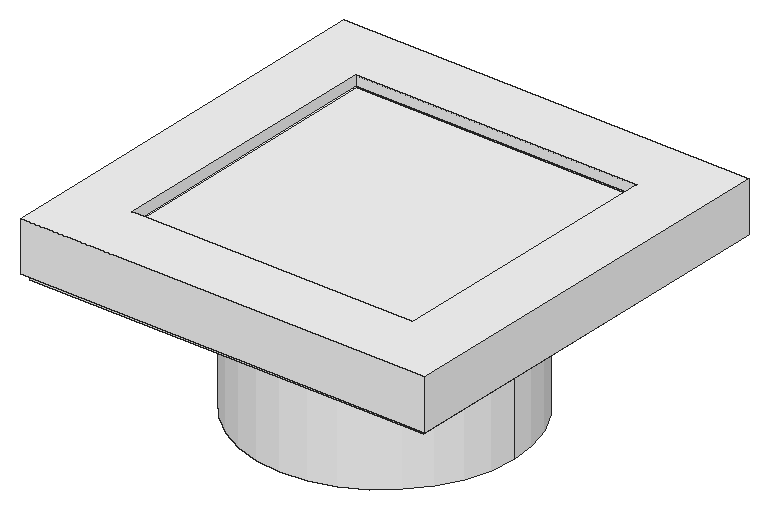
Revit family "Gira_014028", category Electrical Fixtures, host Face, Revit 2017
Family settings
  Host = Face
  Maintain Annotation Orientation = Yes
  Round Connector Dimension = Use Diameter
  Part Type = Normal
  Cut with Voids When Loaded = No
  Shared = No
  Room Calculation Point = No
Parameters (values of type "Hotel-Card-Taster Wechsler (bel.) BSF System 55 Anthrazit")
  Zusammenstellung = "Basiselement mit zentraler Abdeckplatte"
  White [instance] = White
  Werkstoffgüte = "sonstige"
  Werkstoff = "sonstige"
  URL = "http://katalog.gira.de/de_DE/datenblatt.html?artikelnr=014028"
  Transparent = "No"
  Textfeld/Beschriftungsfläche = "Yes"
  Rückmeldekontakt = "No"
  Region = "DE"
  Oberfläche = "sonstige"
  Nennspannung = "250 Volt"
  Name = "Hotel-Card-Taster Wechsler (bel.) BSF System 55 Anthrazit"
  Montageart = "unter Putz"
  Model = "Sys55_Komplettgerät_Schalten und Tasten"
  Mit Beleuchtung = "No"
  Manufacturer URL = "https://www.gira.de/"
  Kontakte = "1 Wechsler"
  HeinzeBIM = "https://bimportal.heinze.de/bim/hotel-card-taster-wechsler-bel-bsf-system-55-anthrazit/6139bc2abc6844f1ff9afd430b487648eef84ca6"
  Halogenfrei = "No"
  HAN = "014028"
  Geeignet für Schutzart (IP) = "IP20"
  GTIN = "4010337140283"
  Farbe = "anthrazit"
  Default Elevation = 1219.2 mm
  Data sheet (1) = "https://katalog.gira.de/de_DE/download.html?artikelnr=014028"
  Category = "Taster"
  Bemessungsstrom = "10 Ampere"
  Befestigungsart = "Krallen-/Schraubbefestigung"
  Bedienungsart = "Hotelcard"
  Available = "Yes"
  Ausführung = "Einzeltaster"
  Aufdruck = "ohne"
  Anzahl der Betätigungswippen = "1 "
Reference planes
  plane 1 "Center (Front/Back)": y = 0
  plane 2: z = 0
  plane 3 "Center (Left/Right)": x = 0
Forms (mm)
  Extrusion 1, solid, material "White" <- "White", detail levels medium
    sketch origin (0, 0, 0) x (1, 0, 0) y (0, 1, 0)
      loop
        line (-40.4, 40.4) -> (-40.4, -40.4) -> (40.4, -40.4) -> (40.4, 40.4) -> (-40.4, 40.4)
      loop
        line (-28, 28) -> (-28, -28) -> (28, -28) -> (28, 28) -> (-28, 28)
    from 0 to 10
  Extrusion 2, solid, material "White" <- "White", detail levels fine
    sketch origin (0, 0, 0) x (1, 0, 0) y (0, 1, 0)
      loop
        line (-40.4, 40.4) -> (-40.4, -40.4) -> (40.4, -40.4) -> (40.4, 40.4) -> (-40.4, 40.4)
      loop
        line (-28, 28) -> (-28, -28) -> (28, -28) -> (28, 28) -> (-28, 28)
    from 0 to 10
  Extrusion 3, void
    sketch origin (0, 0, 0) x (1, 0, 0) y (0, 1, 0)
      loop
        line (-38.4, 38.4) -> (-38.4, -38.4) -> (38.4, -38.4) -> (38.4, 38.4) -> (-38.4, 38.4)
    from 0 to 8
  Extrusion 4, solid, material "White" <- "White", detail levels medium+fine
    sketch origin (0, 0, 0) x (1, 0, 0) y (0, 1, 0)
      loop
        line (-39.4, 39.4) -> (-39.4, -39.4) -> (39.4, -39.4) -> (39.4, 39.4) -> (-39.4, 39.4)
    from 0 to -1
  Extrusion 5, solid, material "White" <- "White", detail levels medium+fine
    sketch origin (0, 0, 0) x (1, 0, 0) y (0, 1, 0)
      loop
        line (-35.5, 35.5) -> (-35.5, -35.5) -> (35.5, -35.5) -> (35.5, 35.5) -> (-35.5, 35.5)
    from -2 to -3
  Extrusion 6, solid, material "White" <- "White", detail levels medium+fine
    sketch origin (0, 0, 0) x (1, 0, 0) y (0, 1, 0)
      loop
        circle (0, 0) r 26
    from 0 to -27.5
  Extrusion 7, solid, material "White" <- "White", detail levels coarse
    sketch origin (0, 0, 0) x (1, 0, 0) y (0, 1, 0)
      loop
        line (-40.4, 40.4) -> (-40.4, -40.4) -> (40.4, -40.4) -> (40.4, 40.4) -> (-40.4, 40.4)
    from -27.5 to 10
Cuts and joins
  Extrusion 3 cuts Extrusion 2
Dimensions and locks
  aligned and locked: plane 2 to host face
  aligned and locked: level to host face
  aligned and locked: plane 3 "Center (Left/Right)" to nested 2
  aligned and locked: plane 1 "Center (Front/Back)" to nested 2
Nested families
  nested 1: "Sys55_Abdeckung_Schalten und Tasten_floor_base" at (0, 0, 0), type "Sys55_Abdeckung_Schalten und Tasten_floor_base"
  nested 2: "Schalter" at (0, 0, 0), type "Schalter"
Connectors
  electrical at (0, 0, -27.5)
    settings: on Extrusion 6, index 1, voltage 220 V, apparent load 0 VA, apparent load phase1 0 VA, apparent load phase2 0 VA, apparent load phase3 0 VA, power factor 1, load classification "Other", number of poles 1, system type 30, power factor state 1, is connector primary yes, connector utility no, sub classification motor no, connector description ""
Definition of nested family "Sys55_Abdeckung_Schalten und Tasten_floor_base"
  Parameters
    Default Elevation = 1219.2 mm
    White [instance] = none
  Reference planes
    plane 1 "Center (Front/Back)": y = 0
    plane 2: z = 0
    plane 3 "Center (Left/Right)": x = 0
  Forms (mm)
    Extrusion 1, solid
      sketch origin (0, 0, 0) x (1, 0, 0) y (0, 1, 0)
        loop
          line (-1219.2, 1219.2) -> (-1219.2, -1219.2) -> (1219.2, -1219.2) -> (1219.2, 1219.2) -> (-1219.2, 1219.2)
      from 0 to -304.8
    Extrusion 2, solid, material <- "White", detail levels fine
      sketch origin (0, 0, 0) x (1, 0, 0) y (0, 1, 0)
        loop
          line (-27.5, 27.5) -> (-27.5, -27.5) -> (27.5, -27.5) -> (27.5, 27.5) -> (-27.5, 27.5)
      from 0 to 8
    Extrusion 3, void
      sketch origin (0, 0, 0) x (1, 0, 0) y (0, 1, 0)
        loop
          line (26, 26) -> (-26, 26) -> (-26, -26) -> (26, -26) -> (26, 26)
      from 0 to 6
    Extrusion 4, solid, material <- "White", detail levels medium
      sketch origin (0, 0, 0) x (1, 0, 0) y (0, 1, 0)
        loop
          line (-27.5, 27.5) -> (-27.5, -27.5) -> (27.5, -27.5) -> (27.5, 27.5) -> (-27.5, 27.5)
      from 0 to 8
    Extrusion 5, solid, material <- "White", detail levels medium
      sketch origin (0, 0, 0) x (1, 0, 0) y (0, 1, 0)
        loop
          line (11, -17.5) -> (11, 17.5) -> (-11, 17.5) -> (-11, -17.5) -> (11, -17.5)
      from -6 to 6
    Extrusion 6, solid, material <- "White", detail levels fine
      sketch origin (0, 0, 0) x (1, 0, 0) y (0, 1, 0)
        loop
          line (11, 17.5) -> (-11, 17.5) -> (-11, 16.5) -> (11, 16.5) -> (11, 17.5)
        loop
          line (-11, -16.5) -> (-11, -17.5) -> (11, -17.5) -> (11, -16.5) -> (-11, -16.5)
      from -4 to 6
    Extrusion 7, solid, material <- "White", detail levels fine
      sketch origin (0, 0, 0) x (1, 0, 0) y (0, 1, 0)
        loop
          arc (5, 9.347) -> (0, 10.6) -> (-5, 9.347) r 10.6
          line (-5, 9.347) -> (-5, -9.347)
          arc (-5, -9.347) -> (0, -10.6) -> (5, -9.347) r 10.6
          line (5, -9.347) -> (5, 9.347)
      from -6 to 6
    Extrusion 8, solid, material <- "White", detail levels coarse
      sketch origin (0, 0, 0) x (1, 0, 0) y (0, 1, 0)
        loop
          line (-27.5, 27.5) -> (-27.5, -27.5) -> (27.5, -27.5) -> (27.5, 27.5) -> (-27.5, 27.5)
      from -6 to 8
  Cuts and joins
    Extrusion 3 cuts Extrusion 2
  Dimensions and locks
    aligned and locked: plane 2 to Extrusion 1
    aligned and locked: level to Extrusion 1
Definition of nested family "Schalter"
  Reference planes
    plane 1: y = 0
    plane 2: x = 0
  Lines and regions (mm)
    detail lines
      curve 1: circle (1.375, 2.778, 0) r 0.8 normal (0, 0, 1)
      curve 2: line (1.021, 2.061, 0) -> (0, 0, 0)
      curve 3: line (0, 0, 0) -> (-0.538, 0.266, 0)
  Dimensions and locks
    curve 2 to curve 2 = 2.3 mm
    curve 3 to curve 2 = 0.6 mm
    radius of curve 1 = 0.8 mm
